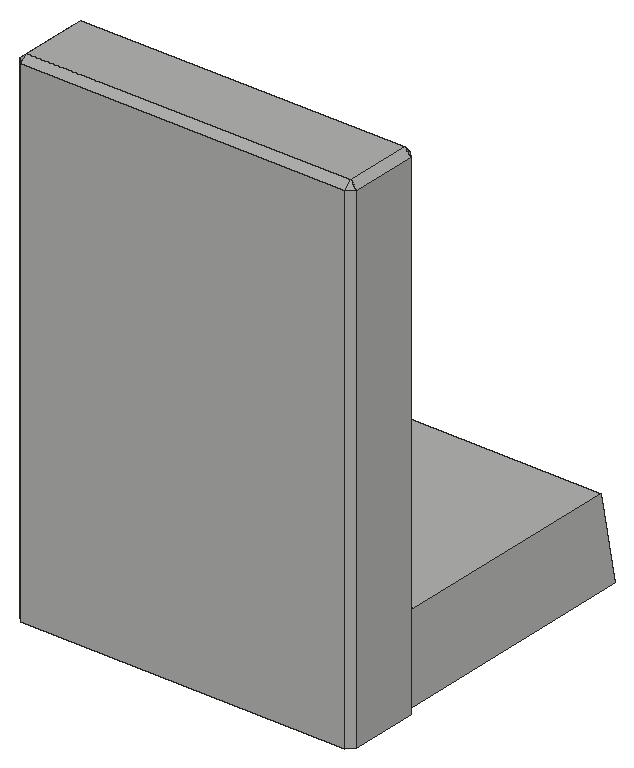
Revit family "NAGARE_STRAIGHT-50", category Site, Revit 2024
Family settings
  Round Connector Dimension = Use Diameter
  Part Type = Normal
  Work Plane-Based = Yes
  Always vertical = Yes
  Cut with Voids When Loaded = No
  Shared = Yes
Parameters (values of type "LP75/50")
  voet_type2_hoogte = 600 mm
  voet_type2_base-breedte = 30 mm
  voet_type2_150 = no
  voet_hoogte = 120 mm
  oksel_maatvoering_hoogte = 20 mm
  oksel_maatvoering_breedte = 20 mm
  offset_10 = 10 mm
  materiaal_model = NAGARE_FME_(9-).f2_BETON_SI_BERSnl
  voet_lengte = 500 mm
  model_hoogte = 750 mm
  beugelpositie_hoogte = 375 mm
  voet_diepte [instance] = 400 mm
  model_breedte = 500 mm
  URL = "https://www.nagareconcrete.com/downloads"
  Type Comments = "LP75/50"
  Manufacturer = "www.nagareconcrete.com"
  Description = ""
  Default Elevation = 0 mm
Types (9, lengths in mm): name | voet_type2_hoogte | voet_type2_base-breedte | voet_type2_150 | voet_hoogte | oksel_maatvoering_hoogte | oksel_maatvoering_breedte | voet_lengte | model_hoogte | beugelpositie_hoogte | voet_diepte | Type Comments
  LP100/50 | 600 | 30 | no | 120 | 60 | 60 | 600 | 1000 | 500 | 400 | "LP100/50"
  LP125/50 | 600 | 30 | no | 120 | 90 | 90 | 750 | 1250 | 625 | 400 | "LP125/50"
  LP150/50 | 600 | 30 | no | 120 | 90 | 90 | 850 | 1500 | 750 | 400 | "LP150/50"
  LP175/50 | 600 | 30 | no | 120 | 125 | 125 | 1100 | 1750 | 875 | 400 | "LP175/50"
  LP200/50 | 600 | 30 | no | 120 | 125 | 125 | 1100 | 2000 | 1000 | 400 | "LP200/50"
  LP225/50 | 600 | 30 | yes | 150 | 280 | 280 | 1350 | 2250 | 1125 | 600 | "LP225/50"
  LP250/50 | 800 | 55 | yes | 150 | 310 | 280 | 1350 | 2500 | 1250 | 600 | "LP250/50"
  LP75/50 | 600 | 30 | no | 120 | 20 | 20 | 500 | 750 | 375 | 400 | "LP75/50"
  LP50/50 | 600 | 30 | no | 120 | 20 | 20 | 400 | 500 | 275 | 400 | "LP50/50"
Reference planes
  plane 1 "Center (Front/Back)": y = 0
  plane 2: z = 0
  plane 3 "Center (Left/Right)": x = 0
  plane 4 "Top": z = 350
  plane 5 "foundation": z = -400
  plane 6 "Left": x = -250
  plane 7 "Right": x = 250
  plane 8 "left offset": x = -240
  plane 9 "right offset": x = 240
  plane 10 "lengte_voet": y = 500
  plane 11 "hoogte beugel": z = -25
  plane 12: y = 120
  plane 13 "voet150 extra onder": z = 0
  plane 14 "voet150 extra boven": z = 600
Forms (mm)
  Extrusion 1, solid, material "NAGARE_FME_(9-).f2_BETON_SI_BERSnl" <- "materiaal_model"
    sketch origin (0, 0, 0) x (0, -1, 0) y (1, 0, 0)
      loop
        line (0, -240) -> (0, 240) -> (-10, 250) -> (-110, 250) -> (-120, 240) -> (-120, -240) -> (-110, -250) -> (-10, -250) -> (0, -240)
    from -400 to 340
  Extrusion 2, solid, material "NAGARE_FME_(9-).f2_BETON_SI_BERSnl" <- "materiaal_model"
    sketch origin (0, 0, 0) x (0, 1, 0) y (0, 0, 1)
      loop
        line (120, -260) -> (120, -400) -> (500, -400) -> (500, -280) -> (140, -280) -> (120, -260)
    from -240 to 240
  Revolve 3, void
    sketch origin (0, 0, -25) x (-1, 0, 0) y (0, -1, 0)
      loop
        line (-40, -120) -> (-40, -130) -> (0, -130) -> (0, -110) -> (-12, -110) -> (-12, -102.013) -> (-8.041, -102.013) -> (-8.041, -86.013) -> (-12, -86.013) -> (-12, -81.842)
        arc (-12, -81.842) -> (-32.249, -96.336) -> (-40, -120) r 40
      axis (0, -130) -> (0, -81.842)
    angle from 0 to 360
  Sweep 4, void
    path origin (0, 0, -400) x (0, 1, 0) y (-1, 0, 0)
      loop
        line (120, 240) -> (500, 240) -> (500, -240) -> (120, -240)
    profile origin (0, 500, -400) x (0, 1, 0) y (0, 0, 1)
      loop
        line (0, 0) -> (0, 900) -> (-84.375, 900) -> (0, 0)
  Blend 5, solid, material "NAGARE_FME_(9-).f2_BETON_SI_BERSnl" <- "materiaal_model"
    base sketch origin (0, 0, 350) x (1, 0, 0) y (0, 1, 0)
      loop
        line (-240, 0) -> (240, 0) -> (250, 10) -> (250, 110) -> (240, 120) -> (-240, 120) -> (-250, 110) -> (-250, 10) -> (-240, 0)
    top sketch origin (0, 0, 350) x (1, 0, 0) y (0, 1, 0)
      loop
        line (-240, 10) -> (240, 10) -> (240, 110) -> (-240, 110) -> (-240, 10)
    from -10 to 0
  Blend 6, solid, material "NAGARE_FME_(9-).f2_BETON_SI_BERSnl" <- "materiaal_model", visible <- "voet_type2_150"
    base sketch origin (0, 0, 0) x (0, 1, 0) y (-1, 0, 0)
      loop
        line (120, 199.688) -> (120, -199.688) -> (150, -199.688) -> (150, 199.688) -> (120, 199.688)
    top sketch origin (0, 0, 600) x (0, 1, 0) y (-1, 0, 0)
      loop
        line (120, -180) -> (120, 180) -> (117.961, 180) -> (117.961, -180) -> (120, -180)
    from 0 to 0
Cuts and joins
  Revolve 3 cuts Extrusion 1
  Sweep 4 cuts Extrusion 2
Lines and regions (mm)
  symbolic lines, style "hulplijnen_footprint"
    curve 1: line (-250, 0, 600) -> (250, 0, 600)
    curve 2: line (-250, 500, 600) -> (-250, 0, 600)
    curve 3: line (250, 500, 600) -> (-250, 500, 600)
    curve 4: line (250, 0, 600) -> (250, 500, 600)
Dimensions and locks
  plane 2 to plane 4 "Top" = 350 mm
  "voet_diepte": level to plane 5 "foundation"
  "model_hoogte": plane 4 "Top" to plane 5 "foundation"
  equal spacing: plane 6 "Left", plane 3 "Center (Left/Right)", plane 7 "Right"
  "model_breedte": plane 6 "Left" to plane 7 "Right"
  plane 6 "Left" to plane 8 "left offset" = 10 mm
  plane 9 "right offset" to plane 7 "Right" = 10 mm
  "voet_lengte": plane 10 "lengte_voet" to plane 1 "Center (Front/Back)"
  plane 11 "hoogte beugel" to plane 5 "foundation" = 375 mm
  "beugelpositie_hoogte": plane 5 "foundation" to plane 11 "hoogte beugel"
  plane 12 to plane 1 "Center (Front/Back)" = 120 mm
  Extrusion 1 sketch curve to plane 7 "Right" = 10 mm  (x2)
  plane 12 to Extrusion 1 sketch curve = 10 mm  (x2)
  plane 6 "Left" to Extrusion 1 sketch curve = 10 mm  (x2)
  plane 1 "Center (Front/Back)" to Extrusion 1 sketch curve = 10 mm  (x2)
  "oksel_maatvoering_breedte": Extrusion 2 sketch curve to cut or joined group of Extrusion 1, Revolve 3
  "oksel_maatvoering_hoogte": Extrusion 2 sketch curve to Extrusion 2 sketch curve
  "offset_10": Blend 5 to plane 4 "Top"
  "voet_hoogte": cut or joined group of Extrusion 2, Sweep 4 to cut or joined group of Extrusion 2, Sweep 4
  locked: plane 13 "voet150 extra onder" to plane 5 "foundation" at 400
  plane 1 "Center (Front/Back)" to nested 1 = 300 mm
  "voet_type2_base-breedte": Blend 6 sketch curve to Blend 6 sketch curve
  "voet_type2_hoogte": plane 14 "voet150 extra boven" to plane 13 "voet150 extra onder"
  aligned and locked: level to plane 2
  aligned and locked: Extrusion 1 sketch curve to plane 6 "Left"
  aligned and locked: plane 7 "Right" to Extrusion 1 sketch curve
  aligned and locked: plane 10 "lengte_voet" to Extrusion 2 sketch curve
  aligned and locked: plane 8 "left offset" to Extrusion 2
  aligned and locked: Extrusion 2 to plane 9 "right offset"
  aligned and locked: cut or joined group of Extrusion 1, Revolve 3 to plane 5 "foundation"
  aligned and locked: Revolve 3 sketch curve to plane 3 "Center (Left/Right)"
  aligned and locked: Revolve 3 sketch curve to plane 11 "hoogte beugel"
  aligned and locked: plane 12 to cut or joined group of Extrusion 1, Revolve 3
  aligned and locked: plane 12 to Revolve 3 sketch curve
  aligned and locked: plane 12 to Extrusion 2 sketch curve
  aligned and locked: plane 9 "right offset" to Sweep 4 sketch curve
  aligned and locked: Sweep 4 sketch curve to plane 10 "lengte_voet"
  aligned and locked: plane 8 "left offset" to Sweep 4 sketch curve
  aligned and locked: plane 4 "Top" to Blend 5
  aligned and locked: cut or joined group of Extrusion 1, Revolve 3 to Blend 5
  aligned and locked: Blend 5 to cut or joined group of Extrusion 1, Revolve 3
  aligned and locked: plane 10 "lengte_voet" to curve 3
  aligned and locked: curve 4 to plane 7 "Right"
  aligned and locked: plane 1 "Center (Front/Back)" to curve 1
  aligned and locked: plane 6 "Left" to curve 2
  aligned and locked: plane 3 "Center (Left/Right)" to nested 1
  aligned and locked: plane 5 "foundation" to Extrusion 2 sketch curve
Automatic sketch dimensions
  Revolve 3 sketch curve to plane 1 "Center (Front/Back)" = 120 mm
  Revolve 3 sketch curve to Revolve 3 sketch curve = 40 mm
  Extrusion 1 sketch curve to plane 12 = 0 mm
  plane 1 "Center (Front/Back)" to Extrusion 1 sketch curve = 0 mm
  Sweep 4 sketch curve to plane 12 = 0 mm  (x2)
  Sweep 4 sketch curve to profile plane = 0 mm
  Sweep 4 sketch curve to plane 5 "foundation" = 0 mm
  profile plane to Sweep 4 sketch curve = 84.375 mm
  plane 1 "Center (Front/Back)" to Blend 5 sketch curve = 0 mm
  Blend 5 sketch curve to plane 8 "left offset" = 0 mm  (x3)
  Blend 5 sketch curve to plane 9 "right offset" = 0 mm  (x3)
  Blend 5 sketch curve to plane 1 "Center (Front/Back)" = 10 mm  (x3)
  Blend 5 sketch curve to Blend 5 sketch curve = 10 mm  (x2)
  Blend 5 sketch curve to plane 7 "Right" = 0 mm
  Blend 5 sketch curve to plane 12 = 0 mm
  Blend 5 sketch curve to plane 6 "Left" = 0 mm
  Blend 5 sketch curve to plane 12 = 10 mm
  plane 5 "foundation" to Sweep 4 sketch curve = 900 mm
  Blend 6 sketch curve to plane 12 = 0 mm  (x2)
  Blend 6 sketch curve to plane 12 = 2.039 mm
  plane 9 "right offset" to Blend 6 sketch curve = 60 mm
  Blend 6 sketch curve to plane 8 "left offset" = 60 mm
  plane 5 "foundation" to Extrusion 2 sketch curve = 120 mm
  plane 9 "right offset" to Blend 6 sketch curve = 40.313 mm
  Blend 6 sketch curve to plane 8 "left offset" = 40.312 mm
Nested families
  nested 1: "aVID_(00)_GA_Tekst NAGARE_gen_BERSnl" at (0, 300, 0), aVID_GEN-ANN_NAGARE_type <- "Type Comments", type "Type 1"
    with aVID_GEN-ANN_NAGARE_type "LP75/50"
Definition of nested family "aVID_(00)_GA_Tekst NAGARE_gen_BERSnl"
  Parameters (values of type "Type 1")
    aVID_GEN-ANN_NAGARE_type [instance] = ""
  Reference planes
    plane 1: y = 0
    plane 2: x = 0
  Text (mm)
    label "nagare" at (-0.041, 0.116, 0), shows "aVID_GEN-ANN_NAGARE_type"
